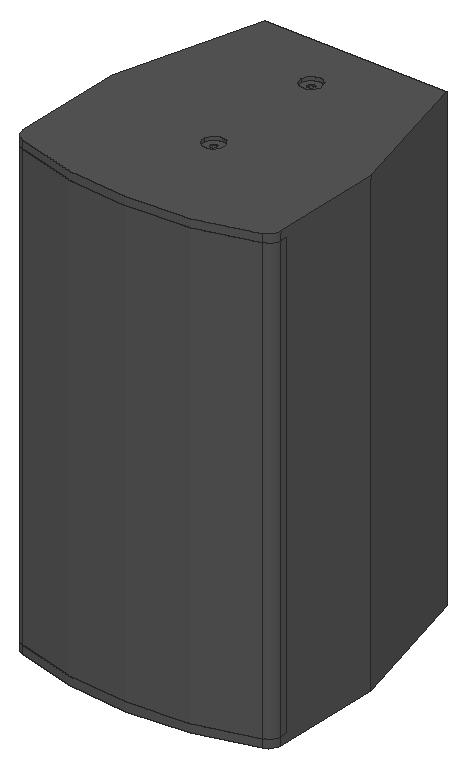
Revit family "Electronics_Community-Point-Source_Biamp_Loudspeaker_IC6_1062", category Communication Devices, host Face, Revit 2020
Family settings
  Host = Face
  Maintain Annotation Orientation = No
  Round Connector Dimension = Use Diameter
  Part Type = Normal
  OmniClass Number = 23.85.10.11.14.14.14
  Cut with Voids When Loaded = No
  Shared = No
  Room Calculation Point = No
Parameters (values of type "IC6-1062/00 B")
  Width = 8.00"  # constant formula
  Weight = 16.00 lbf
  URL = "https://www.biamp.com/"
  Transducers = "LF 1 x 6.5 (165mm) ferrite driver, 1.5 (37mm) voice coil; HF 1 x 1 (25mm) direct radiating damped fabric dome diaphragm, ferrofuid and heatsink-cooled dual-neodymium motor"  # constant formula
  Recommended Amplifers = "150W - 300W - 8 ohms,  (35V - 49V)"  # constant formula
  Product data url = "https://www.bimobject.com/biamp/product/ic6-1062_community-point-source"
  Product Page URL = "https://www.biamp.com/products/product-families/community/point-source#ic6-1062"
  Product Documentation Link = "https://downloads.biamp.com/assets/docs/default-source/data-sheets/biamp_data_sheet_community_ic6-1062-00.pdf"
  Operating Range = "56 Hz to 18.5 kHz"  # constant formula
  Operating Mode = "Low Impedance or 70V/100V models "  # constant formula
  Operating Environment = "Indoor or Weather-Resistant Outdoor"  # constant formula
  Nominal Sensitivity = "1W/1m - 92 dB; 2.83V - 92 dB"  # constant formula
  Nominal Maximum SPL = "Peak - 120 dB; Continious - 114 dB"  # constant formula
  Nominal Beamwidth  (H x V) = "100° x  100°"  # constant formula
  Mounting Points = "M6 threaded rigging points"  # constant formula
  Model = "IC6-1062/00 B"
  Manufacturer = "Biamp"  # constant formula
  Input Connection = "Screw terminal block (5-position)"  # constant formula
  Housing Material = Biamp - Plastic - Black
  Height = 14.29"  # constant formula
  Gril Material = Biamp - Plastic - Black(Grid)
  Equalized Sensitivity = "1W/1m - 91 dB; 2.83V - 91 dB"  # constant formula
  Equalized Maximum SPL = "Peak - 119 dB; Continious - 113 dB"  # constant formula
  Environmental = "Outdoor:  IP55W per IEC 60529, MIL-STD-810G"  # constant formula
  Description = "IC6-1062 High Output 6.5-Inch Two-Way Installation Loudspeaker"  # constant formula
  Depth = 8.94"  # constant formula
  Default Elevation = 48.00"
  Connector Description = "Screw terminal block (5-position); Low impedance (8 ohm)"
Types (5): name | Weight | Model | Housing Material | Gril Material | Connector Description
  (no name) | 16.00 lbf | "IC6-1062/00 B" | Biamp - Plastic - Black | Biamp - Plastic - Black(Grid) | "Screw terminal block (5-position); Low impedance (8 ohm)"
  IC6-1062/00 B | 16.00 lbf | "IC6-1062/00 B" | Biamp - Plastic - Black | Biamp - Plastic - Black(Grid) | "Screw terminal block (5-position); Low impedance (8 ohm)"
  IC6-1062/00 W | 16.00 lbf | "IC6-1062/00 W" | Biamp - Plastic - White | Biamp - Plastic - White(Grid) | "Screw terminal block (5-position); Low impedance (8 ohm)"
  IC6-1062T00 B | 20.00 lbf | "IC6-1062T00 B" | Biamp - Plastic - Black | Biamp - Plastic - Black(Grid) | "Screw terminal block (5-position); 70/100V applications"
  IC6-1062T00 W | 20.00 lbf | "IC6-1062T00 W" | Biamp - Plastic - White | Biamp - Plastic - White(Grid) | "Screw terminal block (5-position); 70/100V applications"
Reference planes (in)
  plane 1 "Center (Front/Back)": y = 0
  plane 2: z = 0
  plane 3 "Center (Left/Right)": x = 0
Forms (in)
  Extrusion 1, solid, material "Biamp - Plastic - Black" <- "Housing Material", detail levels medium+fine
    sketch origin (0, 1.56, 0) x (0, 1, 0) y (-1, 0, 0)
      loop
        line (3.69, -2.82) -> (3.69, 2.82) -> (-0.72, 4.00166) -> (-4.20986, 4.00166)
        arc (-4.20986, 4.00166) -> (-4.4371, 3.92497) -> (-4.57139, 3.72626) r 0.375
        arc (-4.57139, 3.72626) -> (-5.25, 0) -> (-4.57139, -3.72626) r 10.56983
        arc (-4.57139, -3.72626) -> (-4.4371, -3.92497) -> (-4.20986, -4.00166) r 0.375
        line (-4.20986, -4.00166) -> (-0.72, -4.00166) -> (3.69, -2.82)
    from 0 to 14.29
  Extrusion 2, void
    sketch origin (0, 1.56, 0) x (0, 1, 0) y (-1, 0, 0)
      loop
        arc (-4, 5.10129) -> (-5.3125, 0) -> (-4, -5.10129) r 10.56983
        line (-4, -5.10129) -> (-4, 5.10129)
    from 0.25384 to 14.04
  Extrusion 3, solid, material "Biamp - Plastic - Black(Grid)" <- "Gril Material", detail levels medium+fine
    sketch origin (0, 1.56, 0) x (0, 1, 0) y (-1, 0, 0)
      loop
        arc (-4.57139, 3.72626) -> (-5.25, 0) -> (-4.57139, -3.72626) r 10.56983
        arc (-4.57139, -3.72626) -> (-4.4371, -3.92497) -> (-4.20986, -4.00166) r 0.375
        line (-4.20986, -4.00166) -> (-4, -4.00166) -> (-4, 4.00166) -> (-4.20986, 4.00166)
        arc (-4.20986, 4.00166) -> (-4.4371, 3.92497) -> (-4.57139, 3.72626) r 0.375
    from 0.25384 to 14.04
  Extrusion 4, void
    sketch origin (0, 1.56, 0) x (1, 0, 0) y (0, 1, 0)
      loop
        circle (0, 1.958) r 0.32
      loop
        circle (0, -1.822) r 0.32
    from 14.1979 to 14.29
  Extrusion 5, void
    sketch origin (0.75, 1.56, 0) x (1, 0, 0) y (0, 1, 0)
      loop
        circle (-0.75, 1.958) r 0.1
      loop
        circle (-0.75, -1.822) r 0.1
    from 14.18 to 14.2
  Extrusion 6, void
    sketch origin (0, 0, 0) x (1, 0, 0) y (0, 0, 1)
      loop
        line (-1.625, 3.00384) -> (1.625, 3.00384) -> (1.625, 8.45384) -> (-1.625, 8.45384) -> (-1.625, 3.00384)
    from -5.25 to -5.03478
  Extrusion 7, void
    sketch origin (0, 0, 0) x (1, 0, 0) y (0, 0, 1)
      loop
        circle (1, 12.96) r 0.32
      loop
        circle (-1, 12.96) r 0.32
      loop
        circle (1, 9.21) r 0.32
      loop
        circle (-1, 9.21) r 0.32
      loop
        circle (0, 11.085) r 0.32
    from -5.25 to -5.16
  Extrusion 8, void
    sketch origin (-2.85758, 0, 0) x (1, 0, 0) y (0, 0, 1)
      loop
        circle (3.85758, 12.96) r 0.1
      loop
        circle (1.85758, 12.96) r 0.1
      loop
        circle (3.85758, 9.21) r 0.1
      loop
        circle (1.85758, 9.21) r 0.1
      loop
        circle (2.85758, 11.085) r 0.1
    from -5.14 to -5.16
  Extrusion 9, solid, material "Biamp - Plastic - Black" <- "Housing Material", detail levels medium+fine
    sketch origin (0, 0, 0) x (1, 0, 0) y (0, 0, 1)
      loop
        line (0.25, 3.22884) -> (0.25, 8.22884) -> (-0.25, 8.22884) -> (-0.25, 3.22884) -> (0.25, 3.22884)
    from -5.14195 to -5.03478
  Extrusion 10, solid, material "Biamp - Plastic - Black" <- "Housing Material", detail levels coarse
    sketch origin (0, 1.56, 0) x (0, 1, 0) y (-1, 0, 0)
      loop
        line (3.69, -2.82) -> (3.69, 2.82) -> (-0.72, 4.00166) -> (-4.46322, 4.00166)
        arc (-4.46322, 4.00166) -> (-5.25, 0) -> (-4.46322, -4.00166) r 10.56983
        line (-4.46322, -4.00166) -> (-0.72, -4.00166) -> (3.69, -2.82)
    from 0 to 14.29
Cuts and joins
  Extrusion 2, Extrusion 4, Extrusion 5, Extrusion 6, Extrusion 7, Extrusion 8 cuts Extrusion 1
  joined: Extrusion 1, Extrusion 9
  Extrusion 6, Extrusion 7 cuts Extrusion 3
Lines and regions (in)
  Masking region 1, detail levels medium+fine
    outline origin (0, 0, 0) x (1, 0, 0) y (0, 1, 0)
      loop
        line (2.82, 5.25) -> (-2.82, 5.25) -> (-4.00166, 0.84) -> (-4.00166, -2.64986)
        arc (-4.00166, -2.64986) -> (-3.94513, -2.84784) -> (-3.79261, -2.98614) r 0.375
        arc (-3.79261, -2.98614) -> (0, -3.69) -> (3.79261, -2.98614) r 10.56983
        arc (3.79261, -2.98614) -> (3.94513, -2.84784) -> (4.00166, -2.64986) r 0.375
        line (4.00166, -2.64986) -> (4.00166, 0.84) -> (2.82, 5.25)
  Masking region 2, detail levels coarse
    outline origin (0, -0.5, 0) x (1, 0, 0) y (0, 1, 0)
      loop
        line (2.82, 5.75) -> (-2.82, 5.75) -> (-4.00166, 1.34) -> (-4.00166, -2.40322)
        arc (-4.00166, -2.40322) -> (0, -3.19) -> (4.00166, -2.40322) r 10.56983
        line (4.00166, -2.40322) -> (4.00166, 1.34) -> (2.82, 5.75)
  symbolic lines, detail levels medium+fine
    curve 1: arc (0.32, -0.262, 0) -> (0, -0.582, 0) -> (-0.32, -0.262, 0) r 0.32
    curve 2: arc (0.32, -0.262, 0) -> (0, 0.058, 0) -> (-0.32, -0.262, 0) r 0.32
    curve 3: arc (0.1, -0.262, 0) -> (0, -0.162, 0) -> (-0.1, -0.262, 0) r 0.1
    curve 4: arc (-0.1, -0.262, 0) -> (0, -0.362, 0) -> (0.1, -0.262, 0) r 0.1
    curve 5: arc (-0.32, 3.518, 0) -> (0, 3.198, 0) -> (0.32, 3.518, 0) r 0.32
    curve 6: arc (0.32, 3.518, 0) -> (0, 3.838, 0) -> (-0.32, 3.518, 0) r 0.32
    curve 7: arc (-0.1, 3.518, 0) -> (0, 3.418, 0) -> (0.1, 3.518, 0) r 0.1
    curve 8: arc (0.1, 3.518, 0) -> (0, 3.618, 0) -> (-0.1, 3.518, 0) r 0.1
Dimensions and locks (in)
  aligned and locked: plane 2 to host face
  aligned and locked: level to host face
Connectors (in)
  electrical at (0, 5.14195, 5.72884), driven by "Connector Description"
    settings: on cut or joined group of Extrusion 1, Extrusion 2, Extrusion 4, Extrusion 5, Extrusion 6, Extrusion 7, Extrusion 8, Extrusion 9, index 1, voltage 0 V, apparent load 0 VA, apparent load phase1 0 VA, apparent load phase2 0 VA, apparent load phase3 0 VA, power factor 1, load classification "Other", number of poles 1, system type 5, power factor state 1, is connector primary yes, connector utility no, sub classification motor no, connector description "Screw terminal block (5-position); Low impedance (8 ohm)"
